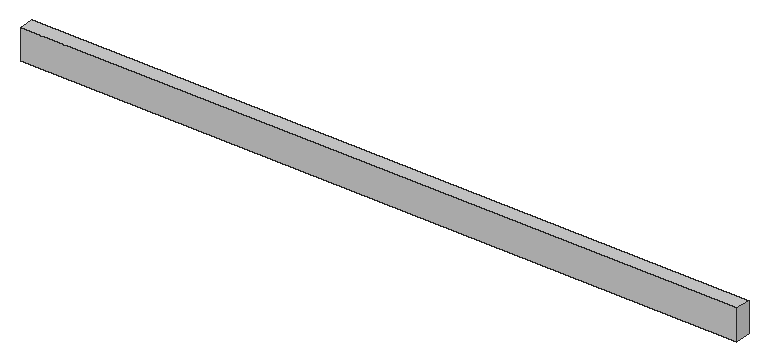
Revit family "M_Barras planas", category Quadro estrutural, Revit 2019
Family settings
  Arredondamento do comprimento do framing estrutural = 0.10 mm
  Forma do corte = Barra retangular
  Material para o comportamento do modelo = Aço
  Exportar sempre como geometria = Não
  Family Name Key = M_Flat Bars
  Número OmniClass = 23.25.30.11.14.14
  Título OmniClass = Beams
  ID de item do Seek = M_Flat Bar-0000-USA-ENU
  Sempre na vertical = Sim
  Corte com vazios quando carregada = Não
  Representação simbólica = Das configurações de projeto
  Compartilhado = Não
  Exibir o pré-corte da família na vista da planta = Sim
Parameters (values of type "FL 25.4X50.8")
  Width = 25.40 mm
  Torsional Moment of Inertia = 0 cm⁴
  Torsional Modulus = 0.0 mm³
  Structural Material [instance] = Aço ASTM A36
  Section Name Key = "Plano 1X2"
  Section Area = 1290.3 mm²
  Plastic Modulus weak axis = 8194.0 mm³
  Plastic Modulus strong axis = 16387.0 mm³
  Perimeter = 0.49869 (stored number, unit not read)
  Nominal Weight = 0 N/m
  Moment of Inertia weak axis = 6.9372 cm⁴
  Moment of Inertia strong axis = 27.749 cm⁴
  Length [instance] = 1500.00 mm
  Height = 50.80 mm
  Elastic Modulus weak axis = 5462.0 mm³
  Elastic Modulus strong axis = 10925.0 mm³
  Centroid Vertical = Height / 2  # 25.4 mm
  Centroid Horizontal = Width / 2  # 12.7 mm
  Código de montagem = "B10"
Reference planes
  plane 1 "Centro (Frente/Trás)": y = 0
  plane 2: z = 0
  plane 3 "Centro (Esquerda/Direita)": x = 4.61
  plane 4 "Membro esquerdo": x = -604.99
  plane 5 "Membro direito": x = 614.21
  plane 6: y = 12.7
  plane 7: y = -12.7
  plane 8 "Esquerda": x = -757.39
  plane 9 "Direita": x = 742.61
  plane 10: z = 25.4
  plane 11: z = -25.4
Forms (mm)
  Sweep 1, solid, material "Aço ASTM A36" <- "Structural Material", detail levels medium+fine
    path origin (0, 0, 0) x (1, 0, 0) y (0, 1, 0)
      loop
        line (-604.99, 0) -> (614.21, 0)
    profile "M_Barra plana-perfil : M_Barra plana-perfil" origin (4.61, 0, 0) x (0, 1, 0) y (0, 0, 1)
      loop
        line (-12.7, 25.4) -> (-12.7, -25.4) -> (12.7, -25.4) -> (12.7, 25.4) -> (-12.7, 25.4)
Lines and regions (mm)
  symbolic lines, style "Faces ocultas", detail levels medium+fine
    curve 1: line (-604.99, 0, -3.15) -> (614.21, 0, -3.15)
    curve 2: line (-604.99, 0, 3.15) -> (614.21, 0, 3.15)
  symbolic lines, style "Símbolos de vara", detail levels coarse
    curve 3: line (4.61, 12.7, 25.4) -> (4.61, -12.7, 25.4)
    curve 4: line (4.61, 12.7, -25.4) -> (4.61, 12.7, 25.4)
    curve 5: line (4.61, -12.7, -25.4) -> (4.61, 12.7, -25.4)
    curve 6: line (4.61, -12.7, 25.4) -> (4.61, -12.7, -25.4)
Dimensions and locks
  equal spacing: plane 6, plane 1 "Centro (Frente/Trás)", plane 7
  "Length": plane 8 "Esquerda" to plane 9 "Direita"
  equal spacing: plane 10, level, plane 11
  "Height": plane 10 to plane 11
  "Width": plane 6 to plane 7
  aligned and locked: plane 4 "Membro esquerdo" to curve 1
  aligned and locked: plane 5 "Membro direito" to curve 1
  aligned and locked: plane 4 "Membro esquerdo" to curve 2
  aligned and locked: plane 5 "Membro direito" to curve 2
  aligned and locked: plane 2 to level
  aligned and locked: plane 4 "Membro esquerdo" to Sweep 1 sketch curve
  aligned and locked: plane 5 "Membro direito" to Sweep 1 sketch curve
  aligned and locked: plane 1 "Centro (Frente/Trás)" to Sweep 1 sketch curve
  aligned and locked: curve 3 to Sweep 1
  aligned and locked: curve 4 to Sweep 1
  aligned and locked: curve 5 to Sweep 1
  aligned and locked: curve 6 to Sweep 1
Automatic sketch dimensions
  curve 1 to level = 3.15 mm
  level to curve 2 = 3.15 mm
Types in the file's own list only (420): name | Largura | Momento de inércia de torção | Módulo de torção | Chave do nome do corte | Área de corte | Eixo fraco do módulo plástico | Eixo forte do módulo plástico | Perímetro | Peso nominal | Eixo fraco do momento de inércia | Eixo forte do momento de inércia | Altura | Eixo fraco do módulo de elasticidade | Eixo forte do módulo de elasticidade | Centróide vertical | Centróide horizontal
  FL 3.175X12.7 | 3.2 mm | 0.00 mm4 | 0.0 mm³ | Plano 1/8X1/2 | 40.3 mm² | 32.0 mm³ | 128.0 mm³ | 0.03 m²/m | 0.00 kgf/m | 34.00 mm4 | 542.00 mm4 | 12.7 mm | 21.0 mm³ | 85.0 mm³ | 6.4 mm | 1.6 mm
  FL 3.175X19.05 | 3.2 mm | 0.00 mm4 | 0.0 mm³ | Plano 1/8X3/4 | 60.5 mm² | 48.0 mm³ | 288.0 mm³ | 0.04 m²/m | 0.00 kgf/m | 51.00 mm4 | 1829.00 mm4 | 19.1 mm | 32.0 mm³ | 192.0 mm³ | 9.5 mm | 1.6 mm
  FL 3.175X25.4 | 3.2 mm | 0.00 mm4 | 0.0 mm³ | Plano 1/8X1 | 80.6 mm² | 64.0 mm³ | 512.0 mm³ | 0.06 m²/m | 0.00 kgf/m | 68.00 mm4 | 4336.00 mm4 | 25.4 mm | 43.0 mm³ | 341.0 mm³ | 12.7 mm | 1.6 mm
  FL 3.175X28.575 | 3.2 mm | 0.00 mm4 | 0.0 mm³ | Plano 1/8X1 1/8 | 90.7 mm² | 72.0 mm³ | 648.0 mm³ | 0.06 m²/m | 0.00 kgf/m | 76.00 mm4 | 6173.00 mm4 | 28.6 mm | 48.0 mm³ | 432.0 mm³ | 14.3 mm | 1.6 mm
  FL 3.175X31.75 | 3.2 mm | 0.00 mm4 | 0.0 mm³ | Plano 1/8X1 1/4 | 100.8 mm² | 80.0 mm³ | 800.0 mm³ | 0.07 m²/m | 0.00 kgf/m | 85.00 mm4 | 8468.00 mm4 | 31.8 mm | 53.0 mm³ | 533.0 mm³ | 15.9 mm | 1.6 mm
  FL 3.175X38.1 | 3.2 mm | 0.00 mm4 | 0.0 mm³ | Plano 1/8X1 1/2 | 121.0 mm² | 96.0 mm³ | 1152.0 mm³ | 0.08 m²/m | 0.00 kgf/m | 102.00 mm4 | 14633.00 mm4 | 38.1 mm | 64.0 mm³ | 768.0 mm³ | 19.1 mm | 1.6 mm
  FL 3.175X34.925 | 3.2 mm | 0.00 mm4 | 0.0 mm³ | Plano 1/8X1 3/8 | 110.9 mm² | 88.0 mm³ | 968.0 mm³ | 0.08 m²/m | 0.00 kgf/m | 93.00 mm4 | 11271.00 mm4 | 34.9 mm | 59.0 mm³ | 645.0 mm³ | 17.5 mm | 1.6 mm
  FL 3.175X44.45 | 3.2 mm | 0.00 mm4 | 0.0 mm³ | Plano 1/8X1 3/4 | 141.1 mm² | 112.0 mm³ | 1568.0 mm³ | 0.10 m²/m | 0.00 kgf/m | 119.00 mm4 | 23237.00 mm4 | 44.5 mm | 75.0 mm³ | 1046.0 mm³ | 22.2 mm | 1.6 mm
  FL 3.175X50.8 | 3.2 mm | 0.00 mm4 | 0.0 mm³ | Plano 1/8X2 | 161.3 mm² | 128.0 mm³ | 2048.0 mm³ | 0.11 m²/m | 0.00 kgf/m | 135.00 mm4 | 34686.00 mm4 | 50.8 mm | 85.0 mm³ | 1366.0 mm³ | 25.4 mm | 1.6 mm
  FL 3.175X57.15 | 3.2 mm | 0.00 mm4 | 0.0 mm³ | Plano 1/8X2 1/4 | 181.5 mm² | 144.0 mm³ | 2592.0 mm³ | 0.12 m²/m | 0.00 kgf/m | 152.00 mm4 | 49387.00 mm4 | 57.2 mm | 96.0 mm³ | 1728.0 mm³ | 28.6 mm | 1.6 mm
  FL 3.175X63.5 | 3.2 mm | 0.00 mm4 | 0.0 mm³ | Plano 1/8X2 1/2 | 201.6 mm² | 160.0 mm³ | 3201.0 mm³ | 0.13 m²/m | 0.00 kgf/m | 169.00 mm4 | 67746.00 mm4 | 63.5 mm | 107.0 mm³ | 2134.0 mm³ | 31.8 mm | 1.6 mm
  FL 3.175X69.85 | 3.2 mm | 0.00 mm4 | 0.0 mm³ | Plano 1/8X2 3/4 | 221.8 mm² | 176.0 mm³ | 3873.0 mm³ | 0.15 m²/m | 0.00 kgf/m | 186.00 mm4 | 90170.00 mm4 | 69.9 mm | 117.0 mm³ | 2582.0 mm³ | 34.9 mm | 1.6 mm
  FL 3.175X76.2 | 3.2 mm | 0.00 mm4 | 0.0 mm³ | Plano 1/8X3 | 241.9 mm² | 192.0 mm³ | 4609.0 mm³ | 0.16 m²/m | 0.00 kgf/m | 203.00 mm4 | 117065.00 mm4 | 76.2 mm | 128.0 mm³ | 3073.0 mm³ | 38.1 mm | 1.6 mm
  FL 3.175X82.55 | 3.2 mm | 0.00 mm4 | 0.0 mm³ | Plano 1/8X3 1/4 | 262.1 mm² | 208.0 mm³ | 5409.0 mm³ | 0.17 m²/m | 0.00 kgf/m | 220.00 mm4 | 148838.00 mm4 | 82.6 mm | 139.0 mm³ | 3606.0 mm³ | 41.3 mm | 1.6 mm
  FL 3.175X88.9 | 3.2 mm | 0.00 mm4 | 0.0 mm³ | Plano 1/8X3 1/2 | 282.3 mm² | 224.0 mm³ | 6273.0 mm³ | 0.18 m²/m | 0.00 kgf/m | 237.00 mm4 | 185895.00 mm4 | 88.9 mm | 149.0 mm³ | 4182.0 mm³ | 44.5 mm | 1.6 mm
  FL 3.175X95.25 | 3.2 mm | 0.00 mm4 | 0.0 mm³ | Plano 1/8X3 3/4 | 302.4 mm² | 240.0 mm³ | 7201.0 mm³ | 0.20 m²/m | 0.00 kgf/m | 254.00 mm4 | 228643.00 mm4 | 95.3 mm | 160.0 mm³ | 4801.0 mm³ | 47.6 mm | 1.6 mm
  FL 3.175X101.6 | 3.2 mm | 0.00 mm4 | 0.0 mm³ | Plano 1/8X4 | 322.6 mm² | 256.0 mm³ | 8194.0 mm³ | 0.21 m²/m | 0.00 kgf/m | 271.00 mm4 | 277488.00 mm4 | 101.6 mm | 171.0 mm³ | 5462.0 mm³ | 50.8 mm | 1.6 mm
  FL 3.175X114.3 | 3.2 mm | 0.00 mm4 | 0.0 mm³ | Plano 1/8X4 1/2 | 362.9 mm² | 288.0 mm³ | 10370.0 mm³ | 0.24 m²/m | 0.00 kgf/m | 305.00 mm4 | 395095.00 mm4 | 114.3 mm | 192.0 mm³ | 6913.0 mm³ | 57.2 mm | 1.6 mm
  FL 3.175X127 | 3.2 mm | 0.00 mm4 | 0.0 mm³ | Plano 1/8x5 | 403.2 mm² | 320.0 mm³ | 12802.0 mm³ | 0.26 m²/m | 0.00 kgf/m | 339.00 mm4 | 541968.00 mm4 | 127.0 mm | 213.0 mm³ | 8535.0 mm³ | 63.5 mm | 1.6 mm
  FL 3.175X139.7 | 3.2 mm | 0.00 mm4 | 0.0 mm³ | Plano 1/8x5 1/2 | 443.5 mm² | 352.0 mm³ | 15491.0 mm³ | 0.29 m²/m | 0.00 kgf/m | 373.00 mm4 | 721359.00 mm4 | 139.7 mm | 235.0 mm³ | 10327.0 mm³ | 69.9 mm | 1.6 mm
  FL 3.175X152.4 | 3.2 mm | 0.00 mm4 | 0.0 mm³ | Plano 1/8x6 | 483.9 mm² | 384.0 mm³ | 18435.0 mm³ | 0.31 m²/m | 0.00 kgf/m | 406.00 mm4 | 936521.00 mm4 | 152.4 mm | 256.0 mm³ | 12290.0 mm³ | 76.2 mm | 1.6 mm
  FL 3.175X165.1 | 3.2 mm | 0.00 mm4 | 0.0 mm³ | Plano 1/8x6 1/2 | 524.2 mm² | 416.0 mm³ | 21636.0 mm³ | 0.34 m²/m | 0.00 kgf/m | 440.00 mm4 | 1190704.00 mm4 | 165.1 mm | 277.0 mm³ | 14424.0 mm³ | 82.6 mm | 1.6 mm
  FL 3.175X177.8 | 3.2 mm | 0.00 mm4 | 0.0 mm³ | Plano 1/8x7 | 564.5 mm² | 448.0 mm³ | 25093.0 mm³ | 0.36 m²/m | 0.00 kgf/m | 474.00 mm4 | 1487160.00 mm4 | 177.8 mm | 299.0 mm³ | 16728.0 mm³ | 88.9 mm | 1.6 mm
  FL 3.175X190.5 | 3.2 mm | 0.00 mm4 | 0.0 mm³ | Plano 1/8x7 1/2 | 604.8 mm² | 480.0 mm³ | 28805.0 mm³ | 0.39 m²/m | 0.00 kgf/m | 508.00 mm4 | 1829142.00 mm4 | 190.5 mm | 320.0 mm³ | 19204.0 mm³ | 95.3 mm | 1.6 mm
  FL 3.175X203.2 | 3.2 mm | 0.00 mm4 | 0.0 mm³ | Plano 1/8x8 | 645.2 mm² | 512.0 mm³ | 32774.0 mm³ | 0.41 m²/m | 0.00 kgf/m | 542.00 mm4 | 2219901.00 mm4 | 203.2 mm | 341.0 mm³ | 21849.0 mm³ | 101.6 mm | 1.6 mm
  FL 3.175X228.6 | 3.2 mm | 0.00 mm4 | 0.0 mm³ | Plano 1/8x9 | 725.8 mm² | 576.0 mm³ | 41480.0 mm³ | 0.46 m²/m | 0.00 kgf/m | 610.00 mm4 | 3160757.00 mm4 | 228.6 mm | 384.0 mm³ | 27653.0 mm³ | 114.3 mm | 1.6 mm
  FL 3.175X254 | 3.2 mm | 0.00 mm4 | 0.0 mm³ | Plano 1/8x10 | 806.5 mm² | 640.0 mm³ | 51210.0 mm³ | 0.51 m²/m | 0.00 kgf/m | 677.00 mm4 | 4335744.00 mm4 | 254.0 mm | 427.0 mm³ | 34140.0 mm³ | 127.0 mm | 1.6 mm
  FL 3.175X279.4 | 3.2 mm | 0.00 mm4 | 0.0 mm³ | Plano 1/8x11 | 887.1 mm² | 704.0 mm³ | 61964.0 mm³ | 0.57 m²/m | 0.00 kgf/m | 745.00 mm4 | 5770875.00 mm4 | 279.4 mm | 469.0 mm³ | 41309.0 mm³ | 139.7 mm | 1.6 mm
  FL 3.175X304.8 | 3.2 mm | 0.00 mm4 | 0.0 mm³ | Plano 1/8x12 | 967.7 mm² | 768.0 mm³ | 73742.0 mm³ | 0.62 m²/m | 0.00 kgf/m | 813.00 mm4 | 7492166.00 mm4 | 304.8 mm | 512.0 mm³ | 49161.0 mm³ | 152.4 mm | 1.6 mm
  FL 4.7625X12.7 | 4.8 mm | 0.00 mm4 | 0.0 mm³ | Plano 3/16x1/2 | 60.5 mm² | 72.0 mm³ | 192.0 mm³ | 0.03 m²/m | 0.00 kgf/m | 114.00 mm4 | 813.00 mm4 | 12.7 mm | 48.0 mm³ | 128.0 mm³ | 6.4 mm | 2.4 mm
  FL 4.7625X15.875 | 4.8 mm | 0.00 mm4 | 0.0 mm³ | Plano 3/16x5/8 | 75.6 mm² | 90.0 mm³ | 300.0 mm³ | 0.04 m²/m | 0.00 kgf/m | 143.00 mm4 | 1588.00 mm4 | 15.9 mm | 60.0 mm³ | 200.0 mm³ | 7.9 mm | 2.4 mm
  FL 4.7625X19.05 | 4.8 mm | 0.00 mm4 | 0.0 mm³ | Plano 3/16x3/4 | 90.7 mm² | 108.0 mm³ | 432.0 mm³ | 0.05 m²/m | 0.00 kgf/m | 171.00 mm4 | 2744.00 mm4 | 19.1 mm | 72.0 mm³ | 288.0 mm³ | 9.5 mm | 2.4 mm
  FL 4.7625X22.225 | 4.8 mm | 0.00 mm4 | 0.0 mm³ | Plano 3/16x7/8 | 105.8 mm² | 126.0 mm³ | 588.0 mm³ | 0.05 m²/m | 0.00 kgf/m | 200.00 mm4 | 4357.00 mm4 | 22.2 mm | 84.0 mm³ | 392.0 mm³ | 11.1 mm | 2.4 mm
  FL 4.7625X25.4 | 4.8 mm | 0.00 mm4 | 0.0 mm³ | Plano 3/16x1 | 121.0 mm² | 144.0 mm³ | 768.0 mm³ | 0.06 m²/m | 0.00 kgf/m | 229.00 mm4 | 6504.00 mm4 | 25.4 mm | 96.0 mm³ | 512.0 mm³ | 12.7 mm | 2.4 mm
  FL 4.7625X28.575 | 4.8 mm | 0.00 mm4 | 0.0 mm³ | Plano 3/16x1 1/8 | 136.1 mm² | 162.0 mm³ | 972.0 mm³ | 0.07 m²/m | 0.00 kgf/m | 257.00 mm4 | 9260.00 mm4 | 28.6 mm | 108.0 mm³ | 648.0 mm³ | 14.3 mm | 2.4 mm
  FL 4.7625X31.75 | 4.8 mm | 0.00 mm4 | 0.0 mm³ | Plano 3/16x1 1/4 | 151.2 mm² | 180.0 mm³ | 1200.0 mm³ | 0.07 m²/m | 0.00 kgf/m | 286.00 mm4 | 12702.00 mm4 | 31.8 mm | 120.0 mm³ | 800.0 mm³ | 15.9 mm | 2.4 mm
  FL 4.7625X34.925 | 4.8 mm | 0.00 mm4 | 0.0 mm³ | Plano 3/16x1 3/8 | 166.3 mm² | 198.0 mm³ | 1452.0 mm³ | 0.08 m²/m | 0.00 kgf/m | 314.00 mm4 | 16907.00 mm4 | 34.9 mm | 132.0 mm³ | 968.0 mm³ | 17.5 mm | 2.4 mm
  FL 4.7625X38.1 | 4.8 mm | 0.00 mm4 | 0.0 mm³ | Plano 3/16x1 1/2 | 181.5 mm² | 216.0 mm³ | 1728.0 mm³ | 0.09 m²/m | 0.00 kgf/m | 343.00 mm4 | 21950.00 mm4 | 38.1 mm | 144.0 mm³ | 1152.0 mm³ | 19.1 mm | 2.4 mm
  FL 4.7625X44.45 | 4.8 mm | 0.00 mm4 | 0.0 mm³ | Plano 3/16x1 3/4 | 211.7 mm² | 252.0 mm³ | 2352.0 mm³ | 0.10 m²/m | 0.00 kgf/m | 400.00 mm4 | 34855.00 mm4 | 44.5 mm | 168.0 mm³ | 1568.0 mm³ | 22.2 mm | 2.4 mm
  FL 4.7625X50.8 | 4.8 mm | 0.00 mm4 | 0.0 mm³ | Plano 3/16x2 | 241.9 mm² | 288.0 mm³ | 3073.0 mm³ | 0.11 m²/m | 0.00 kgf/m | 457.00 mm4 | 52029.00 mm4 | 50.8 mm | 192.0 mm³ | 2048.0 mm³ | 25.4 mm | 2.4 mm
  FL 4.7625X57.15 | 4.8 mm | 0.00 mm4 | 0.0 mm³ | Plano 3/16x2 1/4 | 272.2 mm² | 324.0 mm³ | 3889.0 mm³ | 0.12 m²/m | 0.00 kgf/m | 514.00 mm4 | 74080.00 mm4 | 57.2 mm | 216.0 mm³ | 2592.0 mm³ | 28.6 mm | 2.4 mm
  FL 4.7625X63.5 | 4.8 mm | 0.00 mm4 | 0.0 mm³ | Plano 3/16x2 1/2 | 302.4 mm² | 360.0 mm³ | 4801.0 mm³ | 0.14 m²/m | 0.00 kgf/m | 572.00 mm4 | 101619.00 mm4 | 63.5 mm | 240.0 mm³ | 3201.0 mm³ | 31.8 mm | 2.4 mm
  FL 4.7625X69.85 | 4.8 mm | 0.00 mm4 | 0.0 mm³ | Plano 3/16x2 3/4 | 332.7 mm² | 396.0 mm³ | 5809.0 mm³ | 0.15 m²/m | 0.00 kgf/m | 629.00 mm4 | 135255.00 mm4 | 69.9 mm | 264.0 mm³ | 3873.0 mm³ | 34.9 mm | 2.4 mm
  FL 4.7625X76.2 | 4.8 mm | 0.00 mm4 | 0.0 mm³ | Plano 3/16x3 | 362.9 mm² | 432.0 mm³ | 6913.0 mm³ | 0.16 m²/m | 0.00 kgf/m | 686.00 mm4 | 175598.00 mm4 | 76.2 mm | 288.0 mm³ | 4609.0 mm³ | 38.1 mm | 2.4 mm
  FL 4.7625X82.55 | 4.8 mm | 0.00 mm4 | 0.0 mm³ | Plano 3/16x3 1/4 | 393.1 mm² | 468.0 mm³ | 8114.0 mm³ | 0.17 m²/m | 0.00 kgf/m | 743.00 mm4 | 223257.00 mm4 | 82.6 mm | 312.0 mm³ | 5409.0 mm³ | 41.3 mm | 2.4 mm
  FL 4.7625X88.9 | 4.8 mm | 0.00 mm4 | 0.0 mm³ | Plano 3/16x3 1/2 | 423.4 mm² | 504.0 mm³ | 9410.0 mm³ | 0.19 m²/m | 0.00 kgf/m | 800.00 mm4 | 278843.00 mm4 | 88.9 mm | 336.0 mm³ | 6273.0 mm³ | 44.5 mm | 2.4 mm
  FL 4.7625X95.25 | 4.8 mm | 0.00 mm4 | 0.0 mm³ | Plano 3/16x3 3/4 | 453.6 mm² | 540.0 mm³ | 10802.0 mm³ | 0.20 m²/m | 0.00 kgf/m | 857.00 mm4 | 342964.00 mm4 | 95.3 mm | 360.0 mm³ | 7201.0 mm³ | 47.6 mm | 2.4 mm
  FL 4.7625X101.6 | 4.8 mm | 0.00 mm4 | 0.0 mm³ | Plano 3/16x4 | 483.9 mm² | 576.0 mm³ | 12290.0 mm³ | 0.21 m²/m | 0.00 kgf/m | 915.00 mm4 | 416231.00 mm4 | 101.6 mm | 384.0 mm³ | 8194.0 mm³ | 50.8 mm | 2.4 mm
  FL 4.7625X114.3 | 4.8 mm | 0.00 mm4 | 0.0 mm³ | Plano 3/16x4 1/2 | 544.4 mm² | 648.0 mm³ | 15555.0 mm³ | 0.24 m²/m | 0.00 kgf/m | 1029.00 mm4 | 592642.00 mm4 | 114.3 mm | 432.0 mm³ | 10370.0 mm³ | 57.2 mm | 2.4 mm
  FL 4.7625X127 | 4.8 mm | 0.00 mm4 | 0.0 mm³ | Plano 3/16x5 | 604.8 mm² | 720.0 mm³ | 19204.0 mm³ | 0.26 m²/m | 0.00 kgf/m | 1143.00 mm4 | 812952.00 mm4 | 127.0 mm | 480.0 mm³ | 12802.0 mm³ | 63.5 mm | 2.4 mm
  FL 4.7625X139.7 | 4.8 mm | 0.00 mm4 | 0.0 mm³ | Plano 3/16x5 1/2 | 665.3 mm² | 792.0 mm³ | 23236.0 mm³ | 0.29 m²/m | 0.00 kgf/m | 1258.00 mm4 | 1082039.00 mm4 | 139.7 mm | 528.0 mm³ | 15491.0 mm³ | 69.9 mm | 2.4 mm
  FL 4.7625X152.4 | 4.8 mm | 0.00 mm4 | 0.0 mm³ | Plano 3/16x6 | 725.8 mm² | 864.0 mm³ | 27653.0 mm³ | 0.31 m²/m | 0.00 kgf/m | 1372.00 mm4 | 1404781.00 mm4 | 152.4 mm | 576.0 mm³ | 18435.0 mm³ | 76.2 mm | 2.4 mm
  FL 4.7625X165.1 | 4.8 mm | 0.00 mm4 | 0.0 mm³ | Plano 3/16x6 1/2 | 786.3 mm² | 936.0 mm³ | 32454.0 mm³ | 0.34 m²/m | 0.00 kgf/m | 1486.00 mm4 | 1786056.00 mm4 | 165.1 mm | 624.0 mm³ | 21636.0 mm³ | 82.6 mm | 2.4 mm
  FL 4.7625X177.8 | 4.8 mm | 0.00 mm4 | 0.0 mm³ | Plano 3/16x7 | 846.8 mm² | 1008.0 mm³ | 37639.0 mm³ | 0.37 m²/m | 0.00 kgf/m | 1600.00 mm4 | 2230740.00 mm4 | 177.8 mm | 672.0 mm³ | 25093.0 mm³ | 88.9 mm | 2.4 mm
  FL 4.7625X190.5 | 4.8 mm | 0.00 mm4 | 0.0 mm³ | Plano 3/16x7 1/2 | 907.3 mm² | 1080.0 mm³ | 43208.0 mm³ | 0.39 m²/m | 0.00 kgf/m | 1715.00 mm4 | 2743713.00 mm4 | 190.5 mm | 720.0 mm³ | 28805.0 mm³ | 95.3 mm | 2.4 mm
  FL 4.7625X203.2 | 4.8 mm | 0.00 mm4 | 0.0 mm³ | Plano 3/16x8 | 967.7 mm² | 1152.0 mm³ | 49161.0 mm³ | 0.42 m²/m | 0.00 kgf/m | 1829.00 mm4 | 3329851.00 mm4 | 203.2 mm | 768.0 mm³ | 32774.0 mm³ | 101.6 mm | 2.4 mm
  FL 4.7625X228.6 | 4.8 mm | 0.00 mm4 | 0.0 mm³ | Plano 3/16x9 | 1088.7 mm² | 1296.0 mm³ | 62220.0 mm³ | 0.47 m²/m | 0.00 kgf/m | 2058.00 mm4 | 4741136.00 mm4 | 228.6 mm | 864.0 mm³ | 41480.0 mm³ | 114.3 mm | 2.4 mm
  FL 4.7625X254 | 4.8 mm | 0.00 mm4 | 0.0 mm³ | Plano 3/16x10 | 1209.7 mm² | 1440.0 mm³ | 76814.0 mm³ | 0.52 m²/m | 0.00 kgf/m | 2286.00 mm4 | 6503616.00 mm4 | 254.0 mm | 960.0 mm³ | 51210.0 mm³ | 127.0 mm | 2.4 mm
  FL 4.7625X279.4 | 4.8 mm | 0.00 mm4 | 0.0 mm³ | Plano 3/16x11 | 1330.6 mm² | 1584.0 mm³ | 92945.0 mm³ | 0.57 m²/m | 0.00 kgf/m | 2515.00 mm4 | 8656313.00 mm4 | 279.4 mm | 1056.0 mm³ | 61964.0 mm³ | 139.7 mm | 2.4 mm
  FL 4.7625X304.8 | 4.8 mm | 0.00 mm4 | 0.0 mm³ | Plano 3/16x12 | 1451.6 mm² | 1728.0 mm³ | 110613.0 mm³ | 0.62 m²/m | 0.00 kgf/m | 2744.00 mm4 | 11238248.00 mm4 | 304.8 mm | 1152.0 mm³ | 73742.0 mm³ | 152.4 mm | 2.4 mm
  FL 6.35X12.7 | 6.4 mm | 0.00 mm4 | 0.0 mm³ | Plano 1/4x1/2 | 80.6 mm² | 128.0 mm³ | 256.0 mm³ | 0.04 m²/m | 0.00 kgf/m | 271.00 mm4 | 1084.00 mm4 | 12.7 mm | 85.0 mm³ | 171.0 mm³ | 6.4 mm | 3.2 mm
  FL 6.35X15.875 | 6.4 mm | 0.00 mm4 | 0.0 mm³ | Plano 1/4x5/8 | 100.8 mm² | 160.0 mm³ | 400.0 mm³ | 0.04 m²/m | 0.00 kgf/m | 339.00 mm4 | 2117.00 mm4 | 15.9 mm | 107.0 mm³ | 267.0 mm³ | 7.9 mm | 3.2 mm
  FL 6.35X19.05 | 6.4 mm | 0.00 mm4 | 0.0 mm³ | Plano 1/4x3/4 | 121.0 mm² | 192.0 mm³ | 576.0 mm³ | 0.05 m²/m | 0.00 kgf/m | 406.00 mm4 | 3658.00 mm4 | 19.1 mm | 128.0 mm³ | 384.0 mm³ | 9.5 mm | 3.2 mm
  FL 6.35X22.225 | 6.4 mm | 0.00 mm4 | 0.0 mm³ | Plano 1/4x7/8 | 141.1 mm² | 224.0 mm³ | 784.0 mm³ | 0.06 m²/m | 0.00 kgf/m | 474.00 mm4 | 5809.00 mm4 | 22.2 mm | 149.0 mm³ | 523.0 mm³ | 11.1 mm | 3.2 mm
  FL 6.35X25.4 | 6.4 mm | 0.00 mm4 | 0.0 mm³ | Plano 1/4x1 | 161.3 mm² | 256.0 mm³ | 1024.0 mm³ | 0.06 m²/m | 0.00 kgf/m | 542.00 mm4 | 8671.00 mm4 | 25.4 mm | 171.0 mm³ | 683.0 mm³ | 12.7 mm | 3.2 mm
  FL 6.35X28.575 | 6.4 mm | 0.00 mm4 | 0.0 mm³ | Plano 1/4x1 1/8 | 181.5 mm² | 288.0 mm³ | 1296.0 mm³ | 0.07 m²/m | 0.00 kgf/m | 610.00 mm4 | 12347.00 mm4 | 28.6 mm | 192.0 mm³ | 864.0 mm³ | 14.3 mm | 3.2 mm
  FL 6.35X31.75 | 6.4 mm | 0.00 mm4 | 0.0 mm³ | Plano 1/4x1 1/4 | 201.6 mm² | 320.0 mm³ | 1600.0 mm³ | 0.08 m²/m | 0.00 kgf/m | 677.00 mm4 | 16937.00 mm4 | 31.8 mm | 213.0 mm³ | 1067.0 mm³ | 15.9 mm | 3.2 mm
  FL 6.35X34.925 | 6.4 mm | 0.00 mm4 | 0.0 mm³ | Plano 1/4x1 3/8 | 221.8 mm² | 352.0 mm³ | 1936.0 mm³ | 0.08 m²/m | 0.00 kgf/m | 745.00 mm4 | 22542.00 mm4 | 34.9 mm | 235.0 mm³ | 1291.0 mm³ | 17.5 mm | 3.2 mm
  FL 6.35X38.1 | 6.4 mm | 0.00 mm4 | 0.0 mm³ | Plano 1/4x1 1/2 | 241.9 mm² | 384.0 mm³ | 2304.0 mm³ | 0.09 m²/m | 0.00 kgf/m | 813.00 mm4 | 29266.00 mm4 | 38.1 mm | 256.0 mm³ | 1536.0 mm³ | 19.1 mm | 3.2 mm
  FL 6.35X44.45 | 6.4 mm | 0.00 mm4 | 0.0 mm³ | Plano 1/4x1 3/4 | 282.3 mm² | 448.0 mm³ | 3137.0 mm³ | 0.10 m²/m | 0.00 kgf/m | 948.00 mm4 | 46474.00 mm4 | 44.5 mm | 299.0 mm³ | 2091.0 mm³ | 22.2 mm | 3.2 mm
  FL 6.35X50.8 | 6.4 mm | 0.00 mm4 | 0.0 mm³ | Plano 1/4x2 | 322.6 mm² | 512.0 mm³ | 4097.0 mm³ | 0.11 m²/m | 0.00 kgf/m | 1084.00 mm4 | 69372.00 mm4 | 50.8 mm | 341.0 mm³ | 2731.0 mm³ | 25.4 mm | 3.2 mm
  FL 6.35X63.5 | 6.4 mm | 0.00 mm4 | 0.0 mm³ | Plano 1/4x2 1/2 | 403.2 mm² | 640.0 mm³ | 6401.0 mm³ | 0.14 m²/m | 0.00 kgf/m | 1355.00 mm4 | 135492.00 mm4 | 63.5 mm | 427.0 mm³ | 4267.0 mm³ | 31.8 mm | 3.2 mm
  FL 6.35X57.15 | 6.4 mm | 0.00 mm4 | 0.0 mm³ | Plano 1/4x2 1/4 | 362.9 mm² | 576.0 mm³ | 5185.0 mm³ | 0.13 m²/m | 0.00 kgf/m | 1219.00 mm4 | 98774.00 mm4 | 57.2 mm | 384.0 mm³ | 3457.0 mm³ | 28.6 mm | 3.2 mm
  FL 6.35X69.85 | 6.4 mm | 0.00 mm4 | 0.0 mm³ | Plano 1/4x2 3/4 | 443.5 mm² | 704.0 mm³ | 7745.0 mm³ | 0.15 m²/m | 0.00 kgf/m | 1490.00 mm4 | 180340.00 mm4 | 69.9 mm | 469.0 mm³ | 5164.0 mm³ | 34.9 mm | 3.2 mm
  FL 6.35X76.2 | 6.4 mm | 0.00 mm4 | 0.0 mm³ | Plano 1/4x3 | 483.9 mm² | 768.0 mm³ | 9218.0 mm³ | 0.17 m²/m | 0.00 kgf/m | 1626.00 mm4 | 234130.00 mm4 | 76.2 mm | 512.0 mm³ | 6145.0 mm³ | 38.1 mm | 3.2 mm
  FL 6.35X82.55 | 6.4 mm | 0.00 mm4 | 0.0 mm³ | Plano 1/4x3 1/4 | 524.2 mm² | 832.0 mm³ | 10818.0 mm³ | 0.18 m²/m | 0.00 kgf/m | 1761.00 mm4 | 297676.00 mm4 | 82.6 mm | 555.0 mm³ | 7212.0 mm³ | 41.3 mm | 3.2 mm
  FL 6.35X88.9 | 6.4 mm | 0.00 mm4 | 0.0 mm³ | Plano 1/4x3 1/2 | 564.5 mm² | 896.0 mm³ | 12546.0 mm³ | 0.19 m²/m | 0.00 kgf/m | 1897.00 mm4 | 371790.00 mm4 | 88.9 mm | 597.0 mm³ | 8364.0 mm³ | 44.5 mm | 3.2 mm
  FL 6.35X95.25 | 6.4 mm | 0.00 mm4 | 0.0 mm³ | Plano 1/4x3 3/4 | 604.8 mm² | 960.0 mm³ | 14403.0 mm³ | 0.20 m²/m | 0.00 kgf/m | 2032.00 mm4 | 457286.00 mm4 | 95.3 mm | 640.0 mm³ | 9602.0 mm³ | 47.6 mm | 3.2 mm
  FL 6.35X101.6 | 6.4 mm | 0.00 mm4 | 0.0 mm³ | Plano 1/4x4 | 645.2 mm² | 1024.0 mm³ | 16387.0 mm³ | 0.22 m²/m | 0.00 kgf/m | 2168.00 mm4 | 554975.00 mm4 | 101.6 mm | 683.0 mm³ | 10925.0 mm³ | 50.8 mm | 3.2 mm
  FL 6.35X114.3 | 6.4 mm | 0.00 mm4 | 0.0 mm³ | Plano 1/4x4 1/2 | 725.8 mm² | 1152.0 mm³ | 20740.0 mm³ | 0.24 m²/m | 0.00 kgf/m | 2439.00 mm4 | 790189.00 mm4 | 114.3 mm | 768.0 mm³ | 13827.0 mm³ | 57.2 mm | 3.2 mm
  FL 6.35X127 | 6.4 mm | 0.00 mm4 | 0.0 mm³ | Plano 1/4x5 | 806.5 mm² | 1280.0 mm³ | 25605.0 mm³ | 0.27 m²/m | 0.00 kgf/m | 2710.00 mm4 | 1083936.00 mm4 | 127.0 mm | 853.0 mm³ | 17070.0 mm³ | 63.5 mm | 3.2 mm
  FL 6.35X139.7 | 6.4 mm | 0.00 mm4 | 0.0 mm³ | Plano 1/4x5 1/2 | 887.1 mm² | 1408.0 mm³ | 30982.0 mm³ | 0.29 m²/m | 0.00 kgf/m | 2981.00 mm4 | 1442719.00 mm4 | 139.7 mm | 939.0 mm³ | 20655.0 mm³ | 69.9 mm | 3.2 mm
  FL 6.35X152.4 | 6.4 mm | 0.00 mm4 | 0.0 mm³ | Plano 1/4x6 | 967.7 mm² | 1536.0 mm³ | 36871.0 mm³ | 0.32 m²/m | 0.00 kgf/m | 3252.00 mm4 | 1873041.00 mm4 | 152.4 mm | 1024.0 mm³ | 24581.0 mm³ | 76.2 mm | 3.2 mm
  FL 6.35X165.1 | 6.4 mm | 0.00 mm4 | 0.0 mm³ | Plano 1/4x6 1/2 | 1048.4 mm² | 1664.0 mm³ | 43272.0 mm³ | 0.34 m²/m | 0.00 kgf/m | 3523.00 mm4 | 2381407.00 mm4 | 165.1 mm | 1110.0 mm³ | 28848.0 mm³ | 82.6 mm | 3.2 mm
  FL 6.35X177.8 | 6.4 mm | 0.00 mm4 | 0.0 mm³ | Plano 1/4x7 | 1129.0 mm² | 1792.0 mm³ | 50185.0 mm³ | 0.37 m²/m | 0.00 kgf/m | 3794.00 mm4 | 2974320.00 mm4 | 177.8 mm | 1195.0 mm³ | 33457.0 mm³ | 88.9 mm | 3.2 mm
  FL 6.35X190.5 | 6.4 mm | 0.00 mm4 | 0.0 mm³ | Plano 1/4x7 1/2 | 1209.7 mm² | 1920.0 mm³ | 57611.0 mm³ | 0.39 m²/m | 0.00 kgf/m | 4065.00 mm4 | 3658284.00 mm4 | 190.5 mm | 1280.0 mm³ | 38407.0 mm³ | 95.3 mm | 3.2 mm
  FL 6.35X203.2 | 6.4 mm | 0.00 mm4 | 0.0 mm³ | Plano 1/4x8 | 1290.3 mm² | 2048.0 mm³ | 65548.0 mm³ | 0.42 m²/m | 0.00 kgf/m | 4336.00 mm4 | 4439802.00 mm4 | 203.2 mm | 1366.0 mm³ | 43699.0 mm³ | 101.6 mm | 3.2 mm
  FL 6.35X228.6 | 6.4 mm | 0.00 mm4 | 0.0 mm³ | Plano 1/4x9 | 1451.6 mm² | 2304.0 mm³ | 82960.0 mm³ | 0.47 m²/m | 0.00 kgf/m | 4878.00 mm4 | 6321515.00 mm4 | 228.6 mm | 1536.0 mm³ | 55306.0 mm³ | 114.3 mm | 3.2 mm
  FL 6.35X254 | 6.4 mm | 0.00 mm4 | 0.0 mm³ | Plano 1/4x10 | 1612.9 mm² | 2560.0 mm³ | 102419.0 mm³ | 0.52 m²/m | 0.00 kgf/m | 5420.00 mm4 | 8671488.00 mm4 | 254.0 mm | 1707.0 mm³ | 68279.0 mm³ | 127.0 mm | 3.2 mm
  FL 6.35X279.4 | 6.4 mm | 0.00 mm4 | 0.0 mm³ | Plano 1/4x11 | 1774.2 mm² | 2817.0 mm³ | 123927.0 mm³ | 0.57 m²/m | 0.00 kgf/m | 5962.00 mm4 | 11541751.00 mm4 | 279.4 mm | 1878.0 mm³ | 82618.0 mm³ | 139.7 mm | 3.2 mm
  FL 6.35X304.8 | 6.4 mm | 0.00 mm4 | 0.0 mm³ | Plano 1/4x12 | 1935.5 mm² | 3073.0 mm³ | 147484.0 mm³ | 0.62 m²/m | 0.00 kgf/m | 6504.00 mm4 | 14984331.00 mm4 | 304.8 mm | 2048.0 mm³ | 98322.0 mm³ | 152.4 mm | 3.2 mm
  FL 7.9375X12.7 | 7.9 mm | 0.00 mm4 | 0.0 mm³ | Plano 5/16x1/2 | 100.8 mm² | 200.0 mm³ | 320.0 mm³ | 0.04 m²/m | 0.00 kgf/m | 529.00 mm4 | 1355.00 mm4 | 12.7 mm | 133.0 mm³ | 213.0 mm³ | 6.4 mm | 4.0 mm
  FL 7.9375X15.875 | 7.9 mm | 0.00 mm4 | 0.0 mm³ | Plano 5/16x5/8 | 126.0 mm² | 250.0 mm³ | 500.0 mm³ | 0.05 m²/m | 0.00 kgf/m | 662.00 mm4 | 2646.00 mm4 | 15.9 mm | 167.0 mm³ | 333.0 mm³ | 7.9 mm | 4.0 mm
  FL 7.9375X19.05 | 7.9 mm | 0.00 mm4 | 0.0 mm³ | Plano 5/16x3/4 | 151.2 mm² | 300.0 mm³ | 720.0 mm³ | 0.05 m²/m | 0.00 kgf/m | 794.00 mm4 | 4573.00 mm4 | 19.1 mm | 200.0 mm³ | 480.0 mm³ | 9.5 mm | 4.0 mm
  FL 7.9375X22.225 | 7.9 mm | 0.00 mm4 | 0.0 mm³ | Plano 5/16x7/8 | 176.4 mm² | 350.0 mm³ | 980.0 mm³ | 0.06 m²/m | 0.00 kgf/m | 926.00 mm4 | 7262.00 mm4 | 22.2 mm | 233.0 mm³ | 653.0 mm³ | 11.1 mm | 4.0 mm
  FL 7.9375X25.4 | 7.9 mm | 0.00 mm4 | 0.0 mm³ | Plano 5/16x1 | 201.6 mm² | 400.0 mm³ | 1280.0 mm³ | 0.07 m²/m | 0.00 kgf/m | 1059.00 mm4 | 10839.00 mm4 | 25.4 mm | 267.0 mm³ | 853.0 mm³ | 12.7 mm | 4.0 mm
  FL 7.9375X28.575 | 7.9 mm | 0.00 mm4 | 0.0 mm³ | Plano 5/16x1 1/8 | 226.8 mm² | 450.0 mm³ | 1620.0 mm³ | 0.07 m²/m | 0.00 kgf/m | 1191.00 mm4 | 15433.00 mm4 | 28.6 mm | 300.0 mm³ | 1080.0 mm³ | 14.3 mm | 4.0 mm
  FL 7.9375X31.75 | 7.9 mm | 0.00 mm4 | 0.0 mm³ | Plano 5/16x1 1/4 | 252.0 mm² | 500.0 mm³ | 2000.0 mm³ | 0.08 m²/m | 0.00 kgf/m | 1323.00 mm4 | 21171.00 mm4 | 31.8 mm | 333.0 mm³ | 1334.0 mm³ | 15.9 mm | 4.0 mm
  FL 7.9375X34.925 | 7.9 mm | 0.00 mm4 | 0.0 mm³ | Plano 5/16x1 3/8 | 277.2 mm² | 550.0 mm³ | 2420.0 mm³ | 0.09 m²/m | 0.00 kgf/m | 1455.00 mm4 | 28178.00 mm4 | 34.9 mm | 367.0 mm³ | 1614.0 mm³ | 17.5 mm | 4.0 mm
  FL 7.9375X38.1 | 7.9 mm | 0.00 mm4 | 0.0 mm³ | Plano 5/16x1 1/2 | 302.4 mm² | 600.0 mm³ | 2881.0 mm³ | 0.09 m²/m | 0.00 kgf/m | 1588.00 mm4 | 36583.00 mm4 | 38.1 mm | 400.0 mm³ | 1920.0 mm³ | 19.1 mm | 4.0 mm
  FL 7.9375X44.45 | 7.9 mm | 0.00 mm4 | 0.0 mm³ | Plano 5/16x1 3/4 | 352.8 mm² | 700.0 mm³ | 3921.0 mm³ | 0.10 m²/m | 0.00 kgf/m | 1852.00 mm4 | 58092.00 mm4 | 44.5 mm | 467.0 mm³ | 2614.0 mm³ | 22.2 mm | 4.0 mm
  FL 7.9375X50.8 | 7.9 mm | 0.00 mm4 | 0.0 mm³ | Plano 5/16x2 | 403.2 mm² | 800.0 mm³ | 5121.0 mm³ | 0.12 m²/m | 0.00 kgf/m | 2117.00 mm4 | 86715.00 mm4 | 50.8 mm | 533.0 mm³ | 3414.0 mm³ | 25.4 mm | 4.0 mm
  FL 7.9375X57.15 | 7.9 mm | 0.00 mm4 | 0.0 mm³ | Plano 5/16x2 1/4 | 453.6 mm² | 900.0 mm³ | 6481.0 mm³ | 0.13 m²/m | 0.00 kgf/m | 2382.00 mm4 | 123467.00 mm4 | 57.2 mm | 600.0 mm³ | 4321.0 mm³ | 28.6 mm | 4.0 mm
  FL 7.9375X63.5 | 7.9 mm | 0.00 mm4 | 0.0 mm³ | Plano 5/16x2 1/2 | 504.0 mm² | 1000.0 mm³ | 8001.0 mm³ | 0.14 m²/m | 0.00 kgf/m | 2646.00 mm4 | 169365.00 mm4 | 63.5 mm | 667.0 mm³ | 5334.0 mm³ | 31.8 mm | 4.0 mm
  FL 7.9375X69.85 | 7.9 mm | 0.00 mm4 | 0.0 mm³ | Plano 5/16x2 3/4 | 554.4 mm² | 1100.0 mm³ | 9682.0 mm³ | 0.16 m²/m | 0.00 kgf/m | 2911.00 mm4 | 225425.00 mm4 | 69.9 mm | 733.0 mm³ | 6455.0 mm³ | 34.9 mm | 4.0 mm
  FL 7.9375X76.2 | 7.9 mm | 0.00 mm4 | 0.0 mm³ | Plano 5/16x3 | 604.8 mm² | 1200.0 mm³ | 11522.0 mm³ | 0.17 m²/m | 0.00 kgf/m | 3176.00 mm4 | 292663.00 mm4 | 76.2 mm | 800.0 mm³ | 7681.0 mm³ | 38.1 mm | 4.0 mm
  FL 7.9375X88.9 | 7.9 mm | 0.00 mm4 | 0.0 mm³ | Plano 5/16x3 1/2 | 705.6 mm² | 1400.0 mm³ | 15683.0 mm³ | 0.19 m²/m | 0.00 kgf/m | 3705.00 mm4 | 464738.00 mm4 | 88.9 mm | 934.0 mm³ | 10455.0 mm³ | 44.5 mm | 4.0 mm
  FL 7.9375X95.25 | 7.9 mm | 0.00 mm4 | 0.0 mm³ | Plano 5/16x3 3/4 | 756.0 mm² | 1500.0 mm³ | 18003.0 mm³ | 0.21 m²/m | 0.00 kgf/m | 3969.00 mm4 | 571607.00 mm4 | 95.3 mm | 1000.0 mm³ | 12002.0 mm³ | 47.6 mm | 4.0 mm
  FL 7.9375X101.6 | 7.9 mm | 0.00 mm4 | 0.0 mm³ | Plano 5/16x4 | 806.5 mm² | 1600.0 mm³ | 20484.0 mm³ | 0.22 m²/m | 0.00 kgf/m | 4234.00 mm4 | 693719.00 mm4 | 101.6 mm | 1067.0 mm³ | 13656.0 mm³ | 50.8 mm | 4.0 mm
  FL 7.9375X114.3 | 7.9 mm | 0.00 mm4 | 0.0 mm³ | Plano 5/16x4 1/2 | 907.3 mm² | 1800.0 mm³ | 25925.0 mm³ | 0.24 m²/m | 0.00 kgf/m | 4763.00 mm4 | 987737.00 mm4 | 114.3 mm | 1200.0 mm³ | 17283.0 mm³ | 57.2 mm | 4.0 mm
  FL 7.9375X127 | 7.9 mm | 0.00 mm4 | 0.0 mm³ | Plano 5/16x5 | 1008.1 mm² | 2000.0 mm³ | 32006.0 mm³ | 0.27 m²/m | 0.00 kgf/m | 5293.00 mm4 | 1354920.00 mm4 | 127.0 mm | 1334.0 mm³ | 21337.0 mm³ | 63.5 mm | 4.0 mm
  FL 7.9375X139.7 | 7.9 mm | 0.00 mm4 | 0.0 mm³ | Plano 5/16x5 1/2 | 1108.9 mm² | 2200.0 mm³ | 38727.0 mm³ | 0.30 m²/m | 0.00 kgf/m | 5822.00 mm4 | 1803399.00 mm4 | 139.7 mm | 1467.0 mm³ | 25818.0 mm³ | 69.9 mm | 4.0 mm
  FL 7.9375X152.4 | 7.9 mm | 0.00 mm4 | 0.0 mm³ | Plano 5/16x6 | 1209.7 mm² | 2400.0 mm³ | 46089.0 mm³ | 0.32 m²/m | 0.00 kgf/m | 6351.00 mm4 | 2341302.00 mm4 | 152.4 mm | 1600.0 mm³ | 30726.0 mm³ | 76.2 mm | 4.0 mm
  FL 7.9375X177.8 | 7.9 mm | 0.00 mm4 | 0.0 mm³ | Plano 5/16x7 | 1411.3 mm² | 2801.0 mm³ | 62732.0 mm³ | 0.37 m²/m | 0.00 kgf/m | 7410.00 mm4 | 3717900.00 mm4 | 177.8 mm | 1867.0 mm³ | 41821.0 mm³ | 88.9 mm | 4.0 mm
  FL 7.9375X203.2 | 7.9 mm | 0.00 mm4 | 0.0 mm³ | Plano 5/16x8 | 1612.9 mm² | 3201.0 mm³ | 81935.0 mm³ | 0.42 m²/m | 0.00 kgf/m | 8468.00 mm4 | 5549752.00 mm4 | 203.2 mm | 2134.0 mm³ | 54624.0 mm³ | 101.6 mm | 4.0 mm
  FL 7.9375X228.6 | 7.9 mm | 0.00 mm4 | 0.0 mm³ | Plano 5/16x9 | 1814.5 mm² | 3601.0 mm³ | 103699.0 mm³ | 0.47 m²/m | 0.00 kgf/m | 9527.00 mm4 | 7901893.00 mm4 | 228.6 mm | 2400.0 mm³ | 69133.0 mm³ | 114.3 mm | 4.0 mm
  FL 7.9375X254 | 7.9 mm | 0.00 mm4 | 0.0 mm³ | Plano 5/16x10 | 2016.1 mm² | 4001.0 mm³ | 128024.0 mm³ | 0.52 m²/m | 0.00 kgf/m | 10585.00 mm4 | 10839360.00 mm4 | 254.0 mm | 2667.0 mm³ | 85349.0 mm³ | 127.0 mm | 4.0 mm
  FL 7.9375X304.8 | 7.9 mm | 0.00 mm4 | 0.0 mm³ | Plano 5/16x12 | 2419.4 mm² | 4801.0 mm³ | 184354.0 mm³ | 0.63 m²/m | 0.00 kgf/m | 12702.00 mm4 | 18730414.00 mm4 | 304.8 mm | 3201.0 mm³ | 122903.0 mm³ | 152.4 mm | 4.0 mm
  FL 9.525X12.7 | 9.5 mm | 0.00 mm4 | 0.0 mm³ | Plano 3/8x1/2 | 121.0 mm² | 288.0 mm³ | 384.0 mm³ | 0.04 m²/m | 0.00 kgf/m | 915.00 mm4 | 1626.00 mm4 | 12.7 mm | 192.0 mm³ | 256.0 mm³ | 6.4 mm | 4.8 mm
  FL 9.525X15.875 | 9.5 mm | 0.00 mm4 | 0.0 mm³ | Plano 3/8x5/8 | 151.2 mm² | 360.0 mm³ | 600.0 mm³ | 0.05 m²/m | 0.00 kgf/m | 1143.00 mm4 | 3176.00 mm4 | 15.9 mm | 240.0 mm³ | 400.0 mm³ | 7.9 mm | 4.8 mm
  FL 9.525X19.05 | 9.5 mm | 0.00 mm4 | 0.0 mm³ | Plano 3/8x3/4 | 181.5 mm² | 432.0 mm³ | 864.0 mm³ | 0.06 m²/m | 0.00 kgf/m | 1372.00 mm4 | 5487.00 mm4 | 19.1 mm | 288.0 mm³ | 576.0 mm³ | 9.5 mm | 4.8 mm
  FL 9.525X22.225 | 9.5 mm | 0.00 mm4 | 0.0 mm³ | Plano 3/8x7/8 | 211.7 mm² | 504.0 mm³ | 1176.0 mm³ | 0.06 m²/m | 0.00 kgf/m | 1600.00 mm4 | 8714.00 mm4 | 22.2 mm | 336.0 mm³ | 784.0 mm³ | 11.1 mm | 4.8 mm
  FL 9.525X25.4 | 9.5 mm | 0.00 mm4 | 0.0 mm³ | Plano 3/8x1 | 241.9 mm² | 576.0 mm³ | 1536.0 mm³ | 0.07 m²/m | 0.00 kgf/m | 1829.00 mm4 | 13007.00 mm4 | 25.4 mm | 384.0 mm³ | 1024.0 mm³ | 12.7 mm | 4.8 mm
  FL 9.525X28.575 | 9.5 mm | 0.00 mm4 | 0.0 mm³ | Plano 3/8x1 1/8 | 272.2 mm² | 648.0 mm³ | 1944.0 mm³ | 0.08 m²/m | 0.00 kgf/m | 2058.00 mm4 | 18520.00 mm4 | 28.6 mm | 432.0 mm³ | 1296.0 mm³ | 14.3 mm | 4.8 mm
  FL 9.525X31.75 | 9.5 mm | 0.00 mm4 | 0.0 mm³ | Plano 3/8x1 1/4 | 302.4 mm² | 720.0 mm³ | 2400.0 mm³ | 0.08 m²/m | 0.00 kgf/m | 2286.00 mm4 | 25405.00 mm4 | 31.8 mm | 480.0 mm³ | 1600.0 mm³ | 15.9 mm | 4.8 mm
  FL 9.525X38.1 | 9.5 mm | 0.00 mm4 | 0.0 mm³ | Plano 3/8x1 1/2 | 362.9 mm² | 864.0 mm³ | 3457.0 mm³ | 0.10 m²/m | 0.00 kgf/m | 2744.00 mm4 | 43899.00 mm4 | 38.1 mm | 576.0 mm³ | 2304.0 mm³ | 19.1 mm | 4.8 mm
  FL 9.525X44.45 | 9.5 mm | 0.00 mm4 | 0.0 mm³ | Plano 3/8x1 3/4 | 423.4 mm² | 1008.0 mm³ | 4705.0 mm³ | 0.11 m²/m | 0.00 kgf/m | 3201.00 mm4 | 69711.00 mm4 | 44.5 mm | 672.0 mm³ | 3137.0 mm³ | 22.2 mm | 4.8 mm
  FL 9.525X50.8 | 9.5 mm | 0.00 mm4 | 0.0 mm³ | Plano 3/8x2 | 483.9 mm² | 1152.0 mm³ | 6145.0 mm³ | 0.12 m²/m | 0.00 kgf/m | 3658.00 mm4 | 104058.00 mm4 | 50.8 mm | 768.0 mm³ | 4097.0 mm³ | 25.4 mm | 4.8 mm
  FL 9.525X57.15 | 9.5 mm | 0.00 mm4 | 0.0 mm³ | Plano 3/8x2 1/4 | 544.4 mm² | 1296.0 mm³ | 7777.0 mm³ | 0.13 m²/m | 0.00 kgf/m | 4116.00 mm4 | 148161.00 mm4 | 57.2 mm | 864.0 mm³ | 5185.0 mm³ | 28.6 mm | 4.8 mm
  FL 9.525X63.5 | 9.5 mm | 0.00 mm4 | 0.0 mm³ | Plano 3/8x2 1/2 | 604.8 mm² | 1440.0 mm³ | 9602.0 mm³ | 0.15 m²/m | 0.00 kgf/m | 4573.00 mm4 | 203238.00 mm4 | 63.5 mm | 960.0 mm³ | 6401.0 mm³ | 31.8 mm | 4.8 mm
  FL 9.525X69.85 | 9.5 mm | 0.00 mm4 | 0.0 mm³ | Plano 3/8x2 3/4 | 665.3 mm² | 1584.0 mm³ | 11618.0 mm³ | 0.16 m²/m | 0.00 kgf/m | 5030.00 mm4 | 270510.00 mm4 | 69.9 mm | 1056.0 mm³ | 7745.0 mm³ | 34.9 mm | 4.8 mm
  FL 9.525X76.2 | 9.5 mm | 0.00 mm4 | 0.0 mm³ | Plano 3/8x3 | 725.8 mm² | 1728.0 mm³ | 13827.0 mm³ | 0.17 m²/m | 0.00 kgf/m | 5487.00 mm4 | 351195.00 mm4 | 76.2 mm | 1152.0 mm³ | 9218.0 mm³ | 38.1 mm | 4.8 mm
  FL 9.525X88.9 | 9.5 mm | 0.00 mm4 | 0.0 mm³ | Plano 3/8x3 1/2 | 846.8 mm² | 2016.0 mm³ | 18820.0 mm³ | 0.20 m²/m | 0.00 kgf/m | 6402.00 mm4 | 557685.00 mm4 | 88.9 mm | 1344.0 mm³ | 12546.0 mm³ | 44.5 mm | 4.8 mm
  FL 9.525X95.25 | 9.5 mm | 0.00 mm4 | 0.0 mm³ | Plano 3/8x3 3/4 | 907.3 mm² | 2160.0 mm³ | 21604.0 mm³ | 0.21 m²/m | 0.00 kgf/m | 6859.00 mm4 | 685928.00 mm4 | 95.3 mm | 1440.0 mm³ | 14403.0 mm³ | 47.6 mm | 4.8 mm
  FL 9.525X101.6 | 9.5 mm | 0.00 mm4 | 0.0 mm³ | Plano 3/8x4 | 967.7 mm² | 2304.0 mm³ | 24581.0 mm³ | 0.22 m²/m | 0.00 kgf/m | 7317.00 mm4 | 832463.00 mm4 | 101.6 mm | 1536.0 mm³ | 16387.0 mm³ | 50.8 mm | 4.8 mm
  FL 9.525X114.3 | 9.5 mm | 0.00 mm4 | 0.0 mm³ | Plano 3/8x4 1/2 | 1088.7 mm² | 2592.0 mm³ | 31110.0 mm³ | 0.25 m²/m | 0.00 kgf/m | 8231.00 mm4 | 1185284.00 mm4 | 114.3 mm | 1728.0 mm³ | 20740.0 mm³ | 57.2 mm | 4.8 mm
  FL 9.525X127 | 9.5 mm | 0.00 mm4 | 0.0 mm³ | Plano 3/8x5 | 1209.7 mm² | 2881.0 mm³ | 38407.0 mm³ | 0.27 m²/m | 0.00 kgf/m | 9146.00 mm4 | 1625904.00 mm4 | 127.0 mm | 1920.0 mm³ | 25605.0 mm³ | 63.5 mm | 4.8 mm
  FL 9.525X139.7 | 9.5 mm | 0.00 mm4 | 0.0 mm³ | Plano 3/8x5 1/2 | 1330.6 mm² | 3169.0 mm³ | 46473.0 mm³ | 0.30 m²/m | 0.00 kgf/m | 10060.00 mm4 | 2164078.00 mm4 | 139.7 mm | 2112.0 mm³ | 30982.0 mm³ | 69.9 mm | 4.8 mm
  FL 9.525X152.4 | 9.5 mm | 0.00 mm4 | 0.0 mm³ | Plano 3/8x6 | 1451.6 mm² | 3457.0 mm³ | 55306.0 mm³ | 0.32 m²/m | 0.00 kgf/m | 10975.00 mm4 | 2809562.00 mm4 | 152.4 mm | 2304.0 mm³ | 36871.0 mm³ | 76.2 mm | 4.8 mm
  FL 9.525X165.1 | 9.5 mm | 0.00 mm4 | 0.0 mm³ | Plano 3/8x6 1/2 | 1572.6 mm² | 3745.0 mm³ | 64908.0 mm³ | 0.35 m²/m | 0.00 kgf/m | 11889.00 mm4 | 3572111.00 mm4 | 165.1 mm | 2496.0 mm³ | 43272.0 mm³ | 82.6 mm | 4.8 mm
  FL 9.525X177.8 | 9.5 mm | 0.00 mm4 | 0.0 mm³ | Plano 3/8x7 | 1693.5 mm² | 4033.0 mm³ | 75278.0 mm³ | 0.37 m²/m | 0.00 kgf/m | 12804.00 mm4 | 4461481.00 mm4 | 177.8 mm | 2689.0 mm³ | 50185.0 mm³ | 88.9 mm | 4.8 mm
  FL 9.525X190.5 | 9.5 mm | 0.00 mm4 | 0.0 mm³ | Plano 3/8x7 1/2 | 1814.5 mm² | 4321.0 mm³ | 86416.0 mm³ | 0.40 m²/m | 0.00 kgf/m | 13719.00 mm4 | 5487426.00 mm4 | 190.5 mm | 2881.0 mm³ | 57611.0 mm³ | 95.3 mm | 4.8 mm
  FL 9.525X203.2 | 9.5 mm | 0.00 mm4 | 0.0 mm³ | Plano 3/8x8 | 1935.5 mm² | 4609.0 mm³ | 98322.0 mm³ | 0.43 m²/m | 0.00 kgf/m | 14633.00 mm4 | 6659703.00 mm4 | 203.2 mm | 3073.0 mm³ | 65548.0 mm³ | 101.6 mm | 4.8 mm
  FL 9.525X228.6 | 9.5 mm | 0.00 mm4 | 0.0 mm³ | Plano 3/8x9 | 2177.4 mm² | 5185.0 mm³ | 124439.0 mm³ | 0.48 m²/m | 0.00 kgf/m | 16462.00 mm4 | 9482272.00 mm4 | 228.6 mm | 3457.0 mm³ | 82960.0 mm³ | 114.3 mm | 4.8 mm
  FL 9.525X254 | 9.5 mm | 0.00 mm4 | 0.0 mm³ | Plano 3/8x10 | 2419.4 mm² | 5761.0 mm³ | 153629.0 mm³ | 0.53 m²/m | 0.00 kgf/m | 18291.00 mm4 | 13007232.00 mm4 | 254.0 mm | 3841.0 mm³ | 102419.0 mm³ | 127.0 mm | 4.8 mm
  FL 9.525X279.4 | 9.5 mm | 0.00 mm4 | 0.0 mm³ | Plano 3/8x11 | 2661.3 mm² | 6337.0 mm³ | 185891.0 mm³ | 0.58 m²/m | 0.00 kgf/m | 20121.00 mm4 | 17312626.00 mm4 | 279.4 mm | 4225.0 mm³ | 123927.0 mm³ | 139.7 mm | 4.8 mm
  FL 9.525X304.8 | 9.5 mm | 0.00 mm4 | 0.0 mm³ | Plano 3/8x12 | 2903.2 mm² | 6913.0 mm³ | 221225.0 mm³ | 0.63 m²/m | 0.00 kgf/m | 21950.00 mm4 | 22476497.00 mm4 | 304.8 mm | 4609.0 mm³ | 147484.0 mm³ | 152.4 mm | 4.8 mm
  FL 11.1125X15.875 | 11.1 mm | 0.00 mm4 | 0.0 mm³ | Plano 7/16x5/8 | 176.4 mm² | 490.0 mm³ | 700.0 mm³ | 0.05 m²/m | 0.00 kgf/m | 1815.00 mm4 | 3705.00 mm4 | 15.9 mm | 327.0 mm³ | 467.0 mm³ | 7.9 mm | 5.6 mm
  FL 11.1125X19.05 | 11.1 mm | 0.00 mm4 | 0.0 mm³ | Plano 7/16x3/4 | 211.7 mm² | 588.0 mm³ | 1008.0 mm³ | 0.06 m²/m | 0.00 kgf/m | 2178.00 mm4 | 6402.00 mm4 | 19.1 mm | 392.0 mm³ | 672.0 mm³ | 9.5 mm | 5.6 mm
  FL 11.1125X22.225 | 11.1 mm | 0.00 mm4 | 0.0 mm³ | Plano 7/16x7/8 | 247.0 mm² | 686.0 mm³ | 1372.0 mm³ | 0.07 m²/m | 0.00 kgf/m | 2542.00 mm4 | 10166.00 mm4 | 22.2 mm | 457.0 mm³ | 915.0 mm³ | 11.1 mm | 5.6 mm
  FL 11.1125X25.4 | 11.1 mm | 0.00 mm4 | 0.0 mm³ | Plano 7/16x1 | 282.3 mm² | 784.0 mm³ | 1792.0 mm³ | 0.07 m²/m | 0.00 kgf/m | 2905.00 mm4 | 15175.00 mm4 | 25.4 mm | 523.0 mm³ | 1195.0 mm³ | 12.7 mm | 5.6 mm
  FL 11.1125X28.575 | 11.1 mm | 0.00 mm4 | 0.0 mm³ | Plano 7/16x1 1/8 | 317.5 mm² | 882.0 mm³ | 2268.0 mm³ | 0.08 m²/m | 0.00 kgf/m | 3268.00 mm4 | 21607.00 mm4 | 28.6 mm | 588.0 mm³ | 1512.0 mm³ | 14.3 mm | 5.6 mm
  FL 11.1125X31.75 | 11.1 mm | 0.00 mm4 | 0.0 mm³ | Plano 7/16x1 1/4 | 352.8 mm² | 980.0 mm³ | 2801.0 mm³ | 0.09 m²/m | 0.00 kgf/m | 3631.00 mm4 | 29639.00 mm4 | 31.8 mm | 653.0 mm³ | 1867.0 mm³ | 15.9 mm | 5.6 mm
  FL 11.1125X38.1 | 11.1 mm | 0.00 mm4 | 0.0 mm³ | Plano 7/16x1 1/2 | 423.4 mm² | 1176.0 mm³ | 4033.0 mm³ | 0.10 m²/m | 0.00 kgf/m | 4357.00 mm4 | 51216.00 mm4 | 38.1 mm | 784.0 mm³ | 2689.0 mm³ | 19.1 mm | 5.6 mm
  FL 11.1125X44.45 | 11.1 mm | 0.00 mm4 | 0.0 mm³ | Plano 7/16x1 3/4 | 494.0 mm² | 1372.0 mm³ | 5489.0 mm³ | 0.11 m²/m | 0.00 kgf/m | 5083.00 mm4 | 81329.00 mm4 | 44.5 mm | 915.0 mm³ | 3659.0 mm³ | 22.2 mm | 5.6 mm
  FL 11.1125X50.8 | 11.1 mm | 0.00 mm4 | 0.0 mm³ | Plano 7/16x2 | 564.5 mm² | 1568.0 mm³ | 7169.0 mm³ | 0.12 m²/m | 0.00 kgf/m | 5809.00 mm4 | 121401.00 mm4 | 50.8 mm | 1046.0 mm³ | 4780.0 mm³ | 25.4 mm | 5.6 mm
  FL 11.1125X57.15 | 11.1 mm | 0.00 mm4 | 0.0 mm³ | Plano 7/16x2 1/4 | 635.1 mm² | 1764.0 mm³ | 9074.0 mm³ | 0.14 m²/m | 0.00 kgf/m | 6535.00 mm4 | 172854.00 mm4 | 57.2 mm | 1176.0 mm³ | 6049.0 mm³ | 28.6 mm | 5.6 mm
  FL 11.1125X63.5 | 11.1 mm | 0.00 mm4 | 0.0 mm³ | Plano 7/16x2 1/2 | 705.6 mm² | 1960.0 mm³ | 11202.0 mm³ | 0.15 m²/m | 0.00 kgf/m | 7262.00 mm4 | 237111.00 mm4 | 63.5 mm | 1307.0 mm³ | 7468.0 mm³ | 31.8 mm | 5.6 mm
  FL 11.1125X69.85 | 11.1 mm | 0.00 mm4 | 0.0 mm³ | Plano 7/16x2 3/4 | 776.2 mm² | 2156.0 mm³ | 13555.0 mm³ | 0.16 m²/m | 0.00 kgf/m | 7988.00 mm4 | 315595.00 mm4 | 69.9 mm | 1438.0 mm³ | 9036.0 mm³ | 34.9 mm | 5.6 mm
  FL 11.1125X76.2 | 11.1 mm | 0.00 mm4 | 0.0 mm³ | Plano 7/16x3 | 846.8 mm² | 2352.0 mm³ | 16131.0 mm³ | 0.17 m²/m | 0.00 kgf/m | 8714.00 mm4 | 409728.00 mm4 | 76.2 mm | 1568.0 mm³ | 10754.0 mm³ | 38.1 mm | 5.6 mm
  FL 11.1125X82.55 | 11.1 mm | 0.00 mm4 | 0.0 mm³ | Plano 7/16x3 1/4 | 917.3 mm² | 2548.0 mm³ | 18932.0 mm³ | 0.19 m²/m | 0.00 kgf/m | 9440.00 mm4 | 520933.00 mm4 | 82.6 mm | 1699.0 mm³ | 12621.0 mm³ | 41.3 mm | 5.6 mm
  FL 11.1125X88.9 | 11.1 mm | 0.00 mm4 | 0.0 mm³ | Plano 7/16x3 1/2 | 987.9 mm² | 2745.0 mm³ | 21956.0 mm³ | 0.20 m²/m | 0.00 kgf/m | 10166.00 mm4 | 650633.00 mm4 | 88.9 mm | 1830.0 mm³ | 14637.0 mm³ | 44.5 mm | 5.6 mm
  FL 11.1125X95.25 | 11.1 mm | 0.00 mm4 | 0.0 mm³ | Plano 7/16x3 3/4 | 1058.5 mm² | 2941.0 mm³ | 25205.0 mm³ | 0.21 m²/m | 0.00 kgf/m | 10892.00 mm4 | 800250.00 mm4 | 95.3 mm | 1960.0 mm³ | 16803.0 mm³ | 47.6 mm | 5.6 mm
  FL 11.1125X101.6 | 11.1 mm | 0.00 mm4 | 0.0 mm³ | Plano 7/16x4 | 1129.0 mm² | 3137.0 mm³ | 28677.0 mm³ | 0.23 m²/m | 0.00 kgf/m | 11618.00 mm4 | 971207.00 mm4 | 101.6 mm | 2091.0 mm³ | 19118.0 mm³ | 50.8 mm | 5.6 mm
  FL 11.1125X114.3 | 11.1 mm | 0.00 mm4 | 0.0 mm³ | Plano 7/16x4 1/2 | 1270.2 mm² | 3529.0 mm³ | 36295.0 mm³ | 0.25 m²/m | 0.00 kgf/m | 13071.00 mm4 | 1382831.00 mm4 | 114.3 mm | 2352.0 mm³ | 24197.0 mm³ | 57.2 mm | 5.6 mm
  FL 11.1125X127 | 11.1 mm | 0.00 mm4 | 0.0 mm³ | Plano 7/16x5 | 1411.3 mm² | 3921.0 mm³ | 44808.0 mm³ | 0.28 m²/m | 0.00 kgf/m | 14523.00 mm4 | 1896888.00 mm4 | 127.0 mm | 2614.0 mm³ | 29872.0 mm³ | 63.5 mm | 5.6 mm
  FL 11.1125X139.7 | 11.1 mm | 0.00 mm4 | 0.0 mm³ | Plano 7/16x5 1/2 | 1552.4 mm² | 4313.0 mm³ | 54218.0 mm³ | 0.30 m²/m | 0.00 kgf/m | 15975.00 mm4 | 2524758.00 mm4 | 139.7 mm | 2875.0 mm³ | 36145.0 mm³ | 69.9 mm | 5.6 mm
  FL 11.1125X152.4 | 11.1 mm | 0.00 mm4 | 0.0 mm³ | Plano 7/16x6 | 1693.5 mm² | 4705.0 mm³ | 64524.0 mm³ | 0.33 m²/m | 0.00 kgf/m | 17428.00 mm4 | 3277822.00 mm4 | 152.4 mm | 3137.0 mm³ | 43016.0 mm³ | 76.2 mm | 5.6 mm
  FL 12.7X15.875 | 12.7 mm | 0.00 mm4 | 0.0 mm³ | Plano 1/2x5/8 | 201.6 mm² | 640.0 mm³ | 800.0 mm³ | 0.06 m²/m | 0.00 kgf/m | 2710.00 mm4 | 4234.00 mm4 | 15.9 mm | 427.0 mm³ | 533.0 mm³ | 7.9 mm | 6.4 mm
  FL 12.7X19.05 | 12.7 mm | 0.00 mm4 | 0.0 mm³ | Plano 1/2x3/4 | 241.9 mm² | 768.0 mm³ | 1152.0 mm³ | 0.06 m²/m | 0.00 kgf/m | 3252.00 mm4 | 7317.00 mm4 | 19.1 mm | 512.0 mm³ | 768.0 mm³ | 9.5 mm | 6.4 mm
